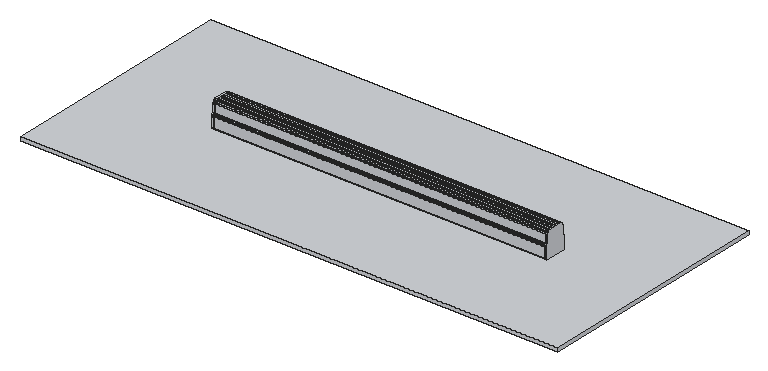
Revit family "Lightline LED 60", category Lighting Fixtures, Revit 2014
Parameters (values of type "L1504")
  Wattage Comments = "17.2"
  Wattage = 17.2 W
  built-in parameter 1150110 = 1 (stored number, unit not read)
  Type Comments = "Recessed"
  Type = "L1504"
  built-in parameter 1114217 = 1 (stored number, unit not read)
  Tilt Angle = 90.00°
  built-in parameter 1150109 = 1 (stored number, unit not read)
  built-in parameter 1150134 = 12
  built-in parameter 1150113 = 1 (stored number, unit not read)
  Photometric Web File = "L1104-ies.ies"
  Length (mm) = "1150"
  Model = "L1504"
  Manufacturer = "Designed Architectural Lighting"
  Luminous flux of luminaire (lm) = "2560"
  Lumens = 2545.6 lm
  built-in parameter 1150115 = 1 (stored number, unit not read)
  built-in parameter 1150105 = 202.57 (stored number, unit not read)
  built-in parameter 1150137 = (empty or 0)
  built-in parameter 1150139 = (empty or 0)
  built-in parameter 1150112 = 1 (stored number, unit not read)
  built-in parameter 1150114 = 1 (stored number, unit not read)
  Lamp = "LED"
  built-in parameter 1150132 = (empty or 0)
  built-in parameter 1150102 = (empty or 0)
  built-in parameter 1150138 = (empty or 0)
  built-in parameter 1150107 = 4000 (stored number, unit not read)
  built-in parameter 1150106 = 2.0257 (stored number, unit not read)
  Height (mm) = "100"
  built-in parameter 1150104 = 13.75 (stored number, unit not read)
  Dimming Lamp Color Temperature Shift = <None>
  Description = "Recessed Mounted Luminaire"
  Colour temperature (K) = "4000"
  Color Filter = 16777215
  CRI = "80"
  built-in parameter 1114218 = 1 (stored number, unit not read)
  built-in parameter 1150133 = 10 (stored number, unit not read)
  Apparent Load = 17.2 VA
Reference planes
  plane 1 "Light Source Axis (F/B)": y = 0
  plane 2: z = 0
  plane 3 "Light Source Axis (L/R)": x = 0
  plane 4 "Light Source Elevation": z = 0
Forms (mm)
  Extrusion 1, solid
    sketch origin (-338.915, -176.493, -96.875) x (1, 0, 0) y (0, 1, 0)
      loop
        line (-601.085, 595.555) -> (-601.085, -215.544) -> (1232.222, -215.544) -> (1232.222, 595.555) -> (-601.085, 595.555)
      loop
        line (-232.393, 213.048) -> (-232.393, 140.048) -> (909.607, 140.048) -> (909.607, 213.048) -> (-232.393, 213.048)
    from 99.65 to 111.65
  Extrusion 2, solid
    sketch origin (0, 0, 0) x (0, 1, 0) y (0, 0, 1)
      loop
        line (31.588, 8.5) -> (29.42, 8.5) -> (29.42, 0) -> (41.133, 0) -> (41.133, 2.545) -> (36.393, 2.545) -> (36.393, 51.578) -> (36.143, 52.511) -> (35.119, 53.535) -> (35.767, 54.658) -> (35.767, 56.207) -> (35.315, 57.894) -> (33.764, 59.445) -> (31.292, 60.107) -> (31.292, 88.897) -> (30.959, 90.138) -> (29.997, 91.1) -> (29.058, 91.352) -> (27.088, 91.352) -> (27.088, 96.352) -> (26.656, 97.966) -> (25.403, 99.219) -> (23.795, 99.65) -> (22.593, 99.65) -> (21.225, 99.283) -> (20.064, 98.122) -> (19.695, 96.746) -> (19.695, 95.502) -> (6.839, 95.502) -> (6.839, 99.65) -> (2.798, 99.65) -> (2.798, 97.966) -> (4.376, 97.966) -> (4.376, 95.502) -> (-4.376, 95.502) -> (-4.376, 97.966) -> (-2.798, 97.966) -> (-2.798, 99.65) -> (-6.839, 99.65) -> (-6.839, 95.502) -> (-19.695, 95.502) -> (-19.695, 96.746) -> (-20.064, 98.122) -> (-21.225, 99.283) -> (-22.593, 99.65) -> (-23.795, 99.65) -> (-25.403, 99.219) -> (-26.656, 97.966) -> (-27.088, 96.352) -> (-27.088, 91.352) -> (-29.058, 91.352) -> (-29.997, 91.1) -> (-30.959, 90.138) -> (-31.292, 88.897) -> (-31.292, 60.107) -> (-33.764, 59.445) -> (-35.315, 57.894) -> (-35.767, 56.207) -> (-35.767, 54.658) -> (-35.119, 53.535) -> (-36.143, 52.511) -> (-36.393, 51.578) -> (-36.393, 2.545) -> (-41.015, 2.545) -> (-41.015, 0) -> (-29.42, 0) -> (-29.42, 8.5) -> (-31.588, 8.5) -> (-31.588, 2.545) -> (-34.058, 2.545) -> (-34.058, 14.227) -> (-32.006, 14.227) -> (-29.42, 17.421) -> (-29.42, 20.595) -> (-31.588, 20.595) -> (-31.588, 18.158) -> (-32.811, 16.038) -> (-34.058, 16.038) -> (-34.058, 51.578) -> (-33.028, 51.578) -> (-31.292, 49.509) -> (-31.292, 47.547) -> (-29.97, 46.784) -> (-29.058, 47.695) -> (-29.058, 51.745) -> (-27.547, 52.618) -> (-27.547, 54.004) -> (-29.058, 54.409) -> (-30.569, 54.004) -> (-32.308, 54.004) -> (-33.028, 55.25) -> (-33.028, 56.69) -> (-31.823, 57.894) -> (-30.542, 57.894) -> (-29.355, 57.209) -> (-27.984, 57.209) -> (-27.547, 57.965) -> (-28.241, 59.167) -> (-29.705, 60.012) -> (-29.705, 61.703) -> (-23.29, 61.703) -> (-23.29, 63.897) -> (-29.058, 63.897) -> (-29.058, 88.897) -> (-24.704, 88.897) -> (-24.704, 95.782) -> (-24.119, 97.966) -> (-22.771, 97.966) -> (-21.783, 96.978) -> (-21.783, 95.437) -> (-21.783, 88.897) -> (-16.783, 88.897) -> (-16.783, 90.811) -> (-19.18, 90.811) -> (-19.18, 93.795) -> (-7.856, 93.795) -> (7.856, 93.795) -> (19.18, 93.795) -> (19.18, 90.811) -> (16.783, 90.811) -> (16.783, 88.897) -> (21.783, 88.897) -> (21.783, 95.437) -> (21.783, 96.978) -> (22.771, 97.966) -> (24.119, 97.966) -> (24.704, 95.782) -> (24.704, 88.897) -> (29.058, 88.897) -> (29.058, 63.897) -> (23.29, 63.897) -> (23.29, 61.703) -> (29.705, 61.703) -> (29.705, 60.012) -> (28.241, 59.167) -> (27.547, 57.965) -> (27.984, 57.209) -> (29.355, 57.209) -> (30.542, 57.894) -> (31.823, 57.894) -> (33.028, 56.69) -> (33.028, 55.25) -> (32.308, 54.004) -> (30.569, 54.004) -> (29.058, 54.409) -> (27.547, 54.004) -> (27.547, 52.618) -> (29.058, 51.745) -> (29.058, 47.695) -> (29.97, 46.784) -> (31.292, 47.547) -> (31.292, 49.509) -> (33.028, 51.578) -> (34.058, 51.578) -> (34.058, 16.038) -> (32.811, 16.038) -> (31.588, 18.158) -> (31.588, 20.595) -> (29.42, 20.595) -> (29.42, 17.421) -> (32.006, 14.227) -> (34.058, 14.227) -> (34.058, 2.545) -> (31.588, 2.545) -> (31.588, 8.5)
    from -564.708 to 564.708
  Extrusion 3, solid
    sketch origin (0, 0, 0) x (0, 1, 0) y (0, 0, 1)
      loop
        line (28.957, 16.309) -> (27.659, 16.309) -> (27.659, 14.932) -> (31.41, 12.577) -> (27.704, 8.871) -> (27.704, 1.972) -> (4.741, 1.972) -> (-6.788, 1.972) -> (-27.743, 1.972) -> (-27.743, 8.753) -> (-31.582, 12.592) -> (-27.767, 14.772) -> (-27.767, 16.15) -> (-29.065, 16.15) -> (-32.983, 13.406) -> (-32.86, 11.963) -> (-29.324, 8.427) -> (-29.324, 0) -> (-7.521, 0) -> (4.741, 0) -> (29.286, 0) -> (29.286, 8.339) -> (33.388, 12.441) -> (33.388, 13.224) -> (28.957, 16.309)
    from -564.708 to 564.708
  Extrusion 4, solid
    sketch origin (0, 0, 0) x (0, 1, 0) y (0, 0, -1)
      loop
        line (22.593, -99.65) -> (23.795, -99.65) -> (25.403, -99.219) -> (26.656, -97.966) -> (27.088, -96.352) -> (27.088, -91.352) -> (29.058, -91.352) -> (29.997, -91.1) -> (30.959, -90.138) -> (31.292, -88.897) -> (31.292, -60.107) -> (33.764, -59.445) -> (35.315, -57.894) -> (35.767, -56.207) -> (35.767, -54.658) -> (35.119, -53.535) -> (36.143, -52.511) -> (36.393, -51.578) -> (36.393, -2.545) -> (-36.393, -2.545) -> (-36.393, -51.578) -> (-36.143, -52.511) -> (-35.119, -53.535) -> (-35.767, -54.658) -> (-35.767, -56.207) -> (-35.315, -57.894) -> (-33.764, -59.445) -> (-31.292, -60.107) -> (-31.292, -88.897) -> (-30.959, -90.138) -> (-29.997, -91.1) -> (-29.058, -91.352) -> (-27.088, -91.352) -> (-27.088, -96.352) -> (-26.656, -97.966) -> (-25.403, -99.219) -> (-23.795, -99.65) -> (-22.593, -99.65) -> (22.593, -99.65)
    from 564.708 to 571.085
  Extrusion 5, solid
    sketch origin (0, 0, -5.156) x (0, 1, 0) y (0, 0, 1)
      loop
        line (25.721, 43.525) -> (25.721, 44.646) -> (2.258, 44.646) -> (-2.258, 44.646) -> (-25.721, 44.646) -> (-25.721, 43.525) -> (-2.258, 43.525) -> (2.258, 43.525) -> (25.721, 43.525)
    from -558.611 to 560.938
  Extrusion 6, solid
    sketch origin (0, 0, 0) x (0, 1, 0) y (0, 0, 1)
      loop
        line (27.738, 16.821) -> (18.492, 34.967) -> (17.174, 37.552) -> (18.204, 37.552) -> (26.777, 37.552) -> (26.777, 47.552) -> (25.721, 47.552) -> (25.721, 38.373) -> (16.454, 38.373) -> (15.98, 37.552) -> (26.789, 16.338) -> (27.738, 16.821)
    from -558.611 to 560.938
  Extrusion 7, solid
    sketch origin (0, 0, -0.625) x (0, 1, 0) y (0, 0, 1)
      loop
        line (25.721, 59.646) -> (2.641, 59.646) -> (-2.641, 59.646) -> (-25.559, 59.646) -> (-25.559, 49.709) -> (-5.076, 49.709) -> (5.076, 49.709) -> (25.721, 49.709) -> (25.721, 59.646)
    from -558.611 to 560.938
  Extrusion 8, solid
    sketch origin (-578.847, 0, 0) x (0, 1, 0) y (0, 0, 1)
      loop
        line (19.125, 89.328) -> (-19.547, 89.328) -> (-19.547, 59.021) -> (19.125, 59.021) -> (19.125, 89.328)
    from 138.247 to 438.847
  Extrusion 9, solid
    sketch origin (0, 0, 0) x (0, -1, 0) y (0, 0, -1)
      loop
        line (27.738, -16.821) -> (26.789, -16.338) -> (15.98, -37.552) -> (16.454, -38.373) -> (25.721, -38.373) -> (25.721, -47.552) -> (26.777, -47.552) -> (26.777, -37.552) -> (18.204, -37.552) -> (17.174, -37.552) -> (18.492, -34.967) -> (27.738, -16.821)
    from -558.611 to 560.938
  Extrusion 10, solid
    sketch origin (0, 0, 103.794) x (0, 1, 0) y (0, 0, 1)
      loop
        line (25.628, -64.304) -> (25.628, -55.087) -> (0.383, -55.087) -> (-2.258, -55.087) -> (-25.559, -55.087) -> (-25.559, -64.304) -> (-24.374, -64.304) -> (-24.374, -56.208) -> (-2.258, -56.208) -> (0.383, -56.208) -> (24.582, -56.208) -> (24.582, -64.304) -> (25.628, -64.304)
    from -558.611 to 560.938
  Extrusion 11, solid
    sketch origin (0, 0, 0) x (0, 1, 0) y (0, 0, 1)
      loop
        line (22.593, 99.65) -> (-22.593, 99.65) -> (-23.795, 99.65) -> (-25.403, 99.219) -> (-26.656, 97.966) -> (-27.088, 96.352) -> (-27.088, 91.352) -> (-29.058, 91.352) -> (-29.997, 91.1) -> (-30.959, 90.138) -> (-31.292, 88.897) -> (-31.292, 60.107) -> (-33.764, 59.445) -> (-35.315, 57.894) -> (-35.767, 56.207) -> (-35.767, 54.658) -> (-35.119, 53.535) -> (-36.143, 52.511) -> (-36.393, 51.578) -> (-36.393, 2.545) -> (36.393, 2.545) -> (36.393, 51.578) -> (36.143, 52.511) -> (35.119, 53.535) -> (35.767, 54.658) -> (35.767, 56.207) -> (35.315, 57.894) -> (33.764, 59.445) -> (31.292, 60.107) -> (31.292, 88.897) -> (30.959, 90.138) -> (29.997, 91.1) -> (29.058, 91.352) -> (27.088, 91.352) -> (27.088, 96.352) -> (26.656, 97.966) -> (25.403, 99.219) -> (23.795, 99.65) -> (22.593, 99.65)
    from 564.708 to 571.085
  Extrusion 12, solid
    sketch origin (0, 0, 0) x (0, 1, 0) y (0, 0, -1)
      loop
        line (36.393, -2.545) -> (41.133, -2.545) -> (41.133, 0) -> (6.133, 0) -> (-6.133, 0) -> (-41.133, 0) -> (-41.133, -2.545) -> (-36.393, -2.545) -> (36.393, -2.545)
    from 564.708 to 576.308
  Extrusion 13, solid
    sketch origin (0, 0, 0) x (0, 1, 0) y (0, 0, 1)
      loop
        line (36.393, 2.545) -> (-36.393, 2.545) -> (-41.133, 2.545) -> (-41.133, 0) -> (-6.133, 0) -> (6.133, 0) -> (41.133, 0) -> (41.133, 2.545) -> (36.393, 2.545)
    from 564.708 to 576.308
Dimensions and locks
  aligned and locked: plane 3 "Light Source Axis (L/R)" to imposter light
  aligned and locked: plane 1 "Light Source Axis (F/B)" to imposter light
  aligned and locked: plane 4 "Light Source Elevation" to imposter light
  aligned and locked: level to plane 2
